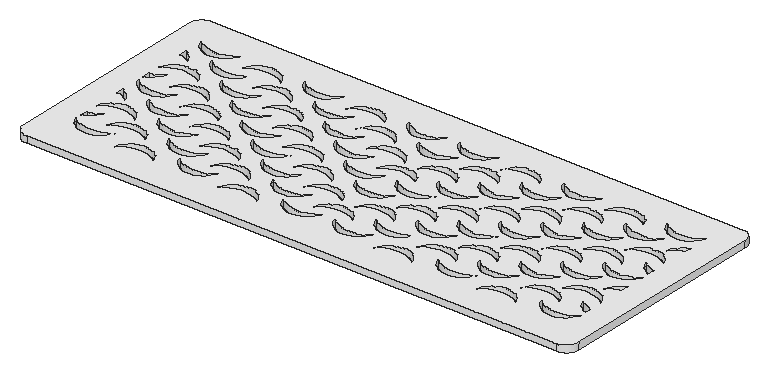
Revit family "CADS_AIRFLOWdev_AirflexPro_Grilles_Extract", category Air Terminals, host Face, Revit 2015
Parameters (values of type "Wavy White Powder Coated")
  WeeklyMaintenance = "N/A"
  Wavey = yes
  WarrantyStartDate [instance] = "1900-12-31T23:59:179"
  WarrantyPeriod = "0"
  WarrantyIdentifier = "N/A"
  WarrantyGuarantorParts = "info@airflow.com"
  WarrantyGuarantorLabor = "info@airflow.com"
  WarrantyGuarantor = "Airflow Developments Ltd"
  WarrantyEndDate [instance] = "1900-12-31T23:59:179"
  WarrantyContent = "N/A"
  Uniclass2015 = "Pr_65_70_46_03"
  TemperatureRange = "up to 40°C"
  TagNumber [instance] = "N/A"
  SustainabilityPerformance = "N/A"
  Status = "New"
  Squared = no
  Slotted = no
  Size = "342 x 143 x 15"
  ShippingWeight = 0.936 kg
  Shape = "Rectangular"
  ServiceLifeType = "EXPECTEDSERVICELIFE"
  ServiceLifeDuration = "10"
  SerialNumber [instance] = "N/A"
  SAPApproval = yes
  ReplacementCost = "157.608"
  Reinforcement = "N/A"
  RedDotDesignAward = no
  QuarterlyMaintenance = "N/A"
  Quantity = 1
  ProductionYear = "2017"
  ProductLiterature = "https://www.airflow.com/pdf/Accessories.pdf#page=3"
  PointOfContact = "Airflow Developments Ltd"
  PassiveHouseApproval = no
  OuterEdge = no
  NominalWidth = 143 mm
  NominalLength = 342 mm
  NominalHeight = 15 mm
  NBSCode = "90-75-50/370 Air terminals;"
  MonthlyMaintenance = "N/A"
  ModelReference [instance] = "90000528"
  ModelLabel [instance] = "Wavy White Powder Coated Grilles"
  Material = "Steel"
  ManufacturerWebsite = "www.airflow.com"
  ManufacturerTelephone = "01494 525252"
  ManufacturerE-Mail = "info@airflow.com"
  ManufacturerAddress = "Aidelle House\nLancaster Road\nCressex Business Park\nHigh Wycombe\nBucks\nHP123QP"
  Manufacturer = "Airflow Developments Ltd"
  MaintenanceRequired8001to12000hrs = "N/A"
  MaintenanceRequired601to1000hrs = "N/A"
  MaintenanceRequired4001to8000hrs = "N/A"
  MaintenanceRequired301to600hrs = "N/A"
  MaintenanceRequired2001to4000hrs = "N/A"
  MaintenanceRequired1001to2000hrs = "N/A"
  MaintenanceRequired0to300hrs = "N/A"
  LongitudinalSeam = "N/A"
  L2 = if(OuterEdge, 377 mm, 342 mm)  # 342 mm
  L1 = if(OuterEdge, 177 mm, 143 mm)  # 143 mm
  IsExtendedWarranty = no
  InstallationDate [instance] = "1900-12-31T23:59:179"
  ISO90001 = yes
  ISO140001 = yes
  GrossWeight = 0.78 kg
  GrilleFinish = CADS_AIRFLOWdev_White
  Grade = "White Powder Coated"
  GlobalTradeItemNumber [instance] = "5019009318936"
  Flow [instance] = 0.0 L/s
  Fitting Type = "Ignore"
  FireControlPanelLinks = no
  Finish = "Lacquer"
  Features = "Wavy White Powder Coated Grilles"
  ExpectedServiceLife = 10
  Exclusions = "N/A"
  DurationUnit = "Year"
  Default Elevation = 1219.2 mm
  DailyMaintenance = "N/A"
  Constituents = "Wavy White Powder Coated Grilles"
  Color = "Silver"
  CodePerformance = "N/A"
  CEApproval = yes
  CADS_Index = 0
  BespokeTimeFrameMaintenance = "N/A"
  AssetType = "FIXED"
  AssetIdentifier [instance] = "N/A"
  AssemblyPlace = "UNKNOWN"
  ArticleNumber [instance] = "N/A"
  AnnualMaintenance = "N/A"
  AccessibilityPerformance = "N/A"
  6MonthlyMaintenance = "Visually inspect system, clean the fan and ducting if necessary"
Types (8, lengths in mm): name | Wavey | WarrantyStartDate | WarrantyEndDate | Uniclass2015 | Squared | Slotted | Size | ShippingWeight | ReplacementCost | OuterEdge | NominalWidth | NominalLength | NominalHeight | ModelReference | ModelLabel | L2 | L1 | InstallationDate | GrossWeight | GrilleFinish | Grade | GlobalTradeItemNumber | Features | Constituents
  (no name) | yes | "1900-12-31T23:59:179" | "1900-12-31T23:59:179" | "Pr_65_70_46_03" | no | no | "342 x 143 x 15" | 0.936 kg | "157.608" | no | 143 | 342 | 15 | "90000528" | "Wavy White Powder Coated Grilles" | 342 | 143 | "1900-12-31T23:59:179" | 0.78 kg | CADS_AIRFLOWdev_White | "White Powder Coated" | "5019009318936" | "Wavy White Powder Coated Grilles" | "Wavy White Powder Coated Grilles"
  Slotted White Powder Coated | no | "1900-12-31T23:59:177" | "1900-12-31T23:59:177" | "Pr_65_70_46_01" | no | yes | "342 x 143 x 15" | 0.936 kg | "107.46" | no | 143 | 342 | 15 | "90000526" | "Slotted White Powder Coated Grilles" | 342 | 143 | "1900-12-31T23:59:177" | 0.78 kg | CADS_AIRFLOWdev_White | "White Powder Coated" | "5019009318912" | "Slotted White Powder Coated Grilles" | "Slotted White Powder Coated Grilles"
  Squared White Powder Coated | no | "1900-12-31T23:59:178" | "1900-12-31T23:59:178" | "Pr_65_70_46_02" | yes | no | "342 x 143 x 15" | 0.84 kg | "147.756" | no | 143 | 342 | 15 | "90000527" | "Squared White Powder Coated Grilles" | 342 | 143 | "1900-12-31T23:59:178" | 0.70 kg | CADS_AIRFLOWdev_White | "White Powder Coated" | "5019009318929" | "Squared White Powder Coated Grilles" | "Squared White Powder Coated Grilles"
  Wavy White Powder Coated | yes | "1900-12-31T23:59:179" | "1900-12-31T23:59:179" | "Pr_65_70_46_03" | no | no | "342 x 143 x 15" | 0.936 kg | "157.608" | no | 143 | 342 | 15 | "90000528" | "Wavy White Powder Coated Grilles" | 342 | 143 | "1900-12-31T23:59:179" | 0.78 kg | CADS_AIRFLOWdev_White | "White Powder Coated" | "5019009318936" | "Wavy White Powder Coated Grilles" | "Wavy White Powder Coated Grilles"
  Slotted Brushed Stainless Steel | no | "1900-12-31T23:59:180" | "1900-12-31T23:59:180" | "Pr_65_70_46_04" | no | yes | "342 x 143 x 15" | 0.936 kg | "122.184" | no | 143 | 342 | 15 | "90000529" | "Slotted Brushed Stainless Steel Grilles" | 342 | 143 | "1900-12-31T23:59:180" | 0.78 kg | CADS_AIRFLOWdev_StainlessSteel | "Stainless" | "5019009318943" | "Slotted Brushed Stainless Steel Grilles" | "Slotted Brushed Stainless Steel Grilles"
  Squared Brushed Stainless Steel | no | "1900-12-31T23:59:181" | "1900-12-31T23:59:181" | "Pr_65_70_46_05" | yes | no | "342 x 143 x 15" | 0.936 kg | "162.528" | no | 143 | 342 | 15 | "90000530" | "Squared Brushed Stainless Steel Grilles" | 342 | 143 | "1900-12-31T23:59:181" | 0.78 kg | CADS_AIRFLOWdev_StainlessSteel | "Stainless" | "50190093189050" | "Squared Brushed Stainless Steel Grilles" | "Squared Brushed Stainless Steel Grilles"
  Wavy Brushed Stainless Steel | yes | "1900-12-31T23:59:182" | "1900-12-31T23:59:182" | "Pr_65_70_46_06" | no | no | "342 x 143 x 15" | 0.936 kg | "172.344" | no | 143 | 342 | 15 | "90000531" | "Wavy Brushed Stainless Steel Grilles" | 342 | 143 | "1900-12-31T23:59:182" | 0.78 kg | CADS_AIRFLOWdev_StainlessSteel | "Stainless" | "5019009318967" | "Wavy Brushed Stainless Steel Grilles" | "Wavy Brushed Stainless Steel Grilles"
  Brushed Stainless Steel Floor | no | "1900-12-31T23:59:183" | "1900-12-31T23:59:183" | "Pr_65_70_46_07" | no | no | "380 x 178 x 30-65" | 1.377 kg | "218.232" | yes | 178 | 380 | 65 | "90000440" | "Brushed Stainless Steel Floor Grille" | 377 | 177 | "1900-12-31T23:59:183" | 1.1475 kg | CADS_AIRFLOWdev_StainlessSteel | "Stainless" | "5019009317731" | "Brushed Stainless Steel Floor Grille" | "Brushed Stainless Steel Floor Grille"
Reference planes
  plane 1 "Center (Front/Back)": y = 0
  plane 2: z = 0
  plane 3 "Center (Left/Right)": x = 0
Forms (mm)
  Extrusion 1, void
    sketch origin (0, 0, 0) x (1, 0, 0) y (0, 1, 0)
      loop
        line (-171, 71.5) -> (-171, -71.5) -> (171, -71.5) -> (171, 71.5) -> (-171, 71.5)
    from 0 to -5
Dimensions and locks
  equal spacing: Extrusion 1 sketch curve, plane 3 "Center (Left/Right)", Extrusion 1 sketch curve
  "L2": Extrusion 1 sketch curve to Extrusion 1 sketch curve
  equal spacing: Extrusion 1 sketch curve, plane 1 "Center (Front/Back)", Extrusion 1 sketch curve
  "L1": Extrusion 1 sketch curve to Extrusion 1 sketch curve
  aligned and locked: plane 2 to host face
  aligned and locked: level to host face
  aligned and locked: plane 3 "Center (Left/Right)" to nested 1
  aligned and locked: plane 1 "Center (Front/Back)" to nested 1
Automatic sketch dimensions
  host sketch curve to host sketch curve = 2438.4 mm  (x2)
Nested families
  nested 1: "GrillGeom" at (0, 0, 0), type "GrillGeom"
    with Squared no, Slotted no, OuterEdge no
Connectors
  hvac at (0, 0, -4), driven by "Flow"
    settings: on nested 1, index 1, duct flow 0.0 L/s, flow factor 0, pres drop 0.0 Pa, loss coef 0, conn angle 0.00°, conn width 300 mm, conn height 100 mm, conn diameter 609.6 mm, duct sys type 2, conn prof type 1, flow config 1, flow direction 2, loss method 0, conn ref index -1, conn util no, is conn primary yes, conn desc ""
Definition of nested family "GrillGeom"
  Parameters (values of type "GrillGeom")
    Wavey = yes
    Squared = yes
    Slotted = yes
    OuterEdge = yes
    GrilleFinish = none
    Flow = 0.0 L/s
  Reference planes
    plane 1 "Center (Front/Back)": y = 0
    plane 2: z = 0
    plane 3 "Center (Left/Right)": x = 0
  Forms (mm)
    Extrusion 1, solid, material <- "GrilleFinish", visible <- "OuterEdge"
      sketch origin (0, 0, 0) x (1, 0, 0) y (0, 1, 0)
        loop
          line (-188.5, 88.5) -> (-188.5, -88.5) -> (188.5, -88.5) -> (188.5, 88.5) -> (-188.5, 88.5)
        loop
          line (-150, 50) -> (-150, -50) -> (150, -50) -> (150, 50) -> (-150, 50)
      from -4 to 0
    Extrusion 2, solid, material <- "GrilleFinish", visible <- "OuterEdge"
      sketch origin (0, 0, 0) x (1, 0, 0) y (0, 1, 0)
        loop
          arc (-150, -45) -> (-148.536, -48.536) -> (-145, -50) r 5
          line (-145, -50) -> (145, -50)
          arc (145, -50) -> (148.536, -48.536) -> (150, -45) r 5
          line (150, -45) -> (150, 45)
          arc (150, 45) -> (148.536, 48.536) -> (145, 50) r 5
          line (145, 50) -> (-145, 50)
          arc (-145, 50) -> (-148.536, 48.536) -> (-150, 45) r 5
          line (-150, 45) -> (-150, -45)
        loop
          line (-90.357, 28.21) -> (-111.292, 28.21) -> (-111.292, 23.152) -> (-90.357, 23.152) -> (-90.357, 28.21)
        loop
          line (-32.939, 28.21) -> (-81.843, 28.21) -> (-81.843, 23.152) -> (-32.939, 23.152) -> (-32.939, 28.21)
        loop
          line (24.425, 28.21) -> (-24.425, 28.21) -> (-24.425, 23.152) -> (24.425, 23.152) -> (24.425, 28.21)
        loop
          line (81.788, 28.21) -> (32.939, 28.21) -> (32.939, 23.152) -> (81.788, 23.152) -> (81.788, 28.21)
        loop
          line (109.702, 28.21) -> (90.302, 28.21) -> (90.302, 23.152) -> (109.702, 23.152) -> (109.702, 28.21)
        loop
          line (-62.443, 15.37) -> (-111.292, 15.37) -> (-111.292, 10.311) -> (-62.443, 10.311) -> (-62.443, 15.37)
        loop
          line (-5.025, 15.37) -> (-53.929, 15.37) -> (-53.929, 10.311) -> (-5.025, 10.311) -> (-5.025, 15.37)
        loop
          line (52.339, 15.37) -> (3.489, 15.37) -> (3.489, 10.311) -> (52.339, 10.311) -> (52.339, 15.37)
        loop
          line (109.702, 15.37) -> (60.853, 15.37) -> (60.853, 10.311) -> (109.702, 10.311) -> (109.702, 15.37)
        loop
          line (-90.357, 2.529) -> (-111.292, 2.529) -> (-111.292, -2.529) -> (-90.357, -2.529) -> (-90.357, 2.529)
        loop
          line (-32.939, 2.529) -> (-81.843, 2.529) -> (-81.843, -2.529) -> (-32.939, -2.529) -> (-32.939, 2.529)
        loop
          line (24.425, 2.529) -> (-24.425, 2.529) -> (-24.425, -2.529) -> (24.425, -2.529) -> (24.425, 2.529)
        loop
          line (81.788, 2.529) -> (32.939, 2.529) -> (32.939, -2.529) -> (81.788, -2.529) -> (81.788, 2.529)
        loop
          line (109.702, 2.529) -> (90.302, 2.529) -> (90.302, -2.529) -> (109.702, -2.529) -> (109.702, 2.529)
        loop
          line (-62.443, -10.311) -> (-111.292, -10.311) -> (-111.292, -15.37) -> (-62.443, -15.37) -> (-62.443, -10.311)
        loop
          line (-5.025, -10.311) -> (-53.929, -10.311) -> (-53.929, -15.37) -> (-5.025, -15.37) -> (-5.025, -10.311)
        loop
          line (52.339, -10.311) -> (3.489, -10.311) -> (3.489, -15.37) -> (52.339, -15.37) -> (52.339, -10.311)
        loop
          line (109.702, -10.311) -> (60.853, -10.311) -> (60.853, -15.37) -> (109.702, -15.37) -> (109.702, -10.311)
        loop
          line (-90.357, -23.152) -> (-111.292, -23.152) -> (-111.292, -28.21) -> (-90.357, -28.21) -> (-90.357, -23.152)
        loop
          line (-32.939, -23.152) -> (-81.843, -23.152) -> (-81.843, -28.21) -> (-32.939, -28.21) -> (-32.939, -23.152)
        loop
          line (24.425, -23.152) -> (-24.425, -23.152) -> (-24.425, -28.21) -> (24.425, -28.21) -> (24.425, -23.152)
        loop
          line (81.788, -23.152) -> (32.939, -23.152) -> (32.939, -28.21) -> (81.788, -28.21) -> (81.788, -23.152)
        loop
          line (109.702, -23.152) -> (90.302, -23.152) -> (90.302, -28.21) -> (109.702, -28.21) -> (109.702, -23.152)
        loop
          line (-62.443, -35.992) -> (-111.292, -35.992) -> (-111.292, -41.051) -> (-62.443, -41.051) -> (-62.443, -35.992)
        loop
          line (-5.025, -35.992) -> (-53.929, -35.992) -> (-53.929, -41.051) -> (-5.025, -41.051) -> (-5.025, -35.992)
        loop
          line (52.339, -35.992) -> (3.489, -35.992) -> (3.489, -41.051) -> (52.339, -41.051) -> (52.339, -35.992)
        loop
          line (109.702, -35.992) -> (60.853, -35.992) -> (60.853, -41.051) -> (109.702, -41.051) -> (109.702, -35.992)
        loop
          line (-62.443, 35.992) -> (-62.443, 41.051) -> (-111.292, 41.051) -> (-111.292, 35.992) -> (-62.443, 35.992)
        loop
          line (-5.025, 35.992) -> (-5.025, 41.051) -> (-53.929, 41.051) -> (-53.929, 35.992) -> (-5.025, 35.992)
        loop
          line (52.339, 35.992) -> (52.339, 41.051) -> (3.489, 41.051) -> (3.489, 35.992) -> (52.339, 35.992)
        loop
          line (109.702, 35.992) -> (109.702, 41.051) -> (60.853, 41.051) -> (60.853, 35.992) -> (109.702, 35.992)
      from -4 to 0
    Extrusion 3, solid, material <- "GrilleFinish", visible <- "Squared"
      sketch origin (0, 0, 0) x (1, 0, 0) y (0, 1, 0)
        loop
          arc (-171, -63.727) -> (-168.723, -69.223) -> (-163.227, -71.5) r 7.773
          line (-163.227, -71.5) -> (163.227, -71.5)
          arc (163.227, -71.5) -> (168.723, -69.223) -> (171, -63.727) r 7.773
          line (171, -63.727) -> (171, 63.727)
          arc (171, 63.727) -> (168.723, 69.223) -> (163.227, 71.5) r 7.773
          line (163.227, 71.5) -> (-163.227, 71.5)
          arc (-163.227, 71.5) -> (-168.723, 69.223) -> (-171, 63.727) r 7.773
          line (-171, 63.727) -> (-171, -63.727)
        loop
          line (-128.067, 25.261) -> (-143.613, 25.261) -> (-143.613, 9.716) -> (-128.067, 9.716) -> (-128.067, 25.261)
        loop
          line (-146.722, 6.607) -> (-146.722, 22.152) -> (-151.386, 17.489) -> (-151.386, 1.943) -> (-135.84, 1.943) -> (-131.176, 6.607) -> (-146.722, 6.607)
        loop
          line (-128.067, -1.371) -> (-143.613, -1.371) -> (-143.613, -16.917) -> (-128.067, -16.917) -> (-128.067, -1.371)
        loop
          line (-146.722, -20.026) -> (-146.722, -4.48) -> (-151.386, -9.144) -> (-151.386, -24.69) -> (-135.84, -24.69) -> (-131.176, -20.026) -> (-146.722, -20.026)
        loop
          line (-128.067, -28.576) -> (-143.613, -28.576) -> (-143.613, -44.121) -> (-128.067, -44.121) -> (-128.067, -28.576)
        loop
          line (-146.722, -47.23) -> (-146.722, -31.685) -> (-151.386, -36.349) -> (-151.386, -51.894) -> (-135.84, -51.894) -> (-131.176, -47.23) -> (-146.722, -47.23)
        loop
          line (-100.086, 25.261) -> (-115.631, 25.261) -> (-115.631, 9.716) -> (-100.086, 9.716) -> (-100.086, 25.261)
        loop
          line (-118.74, 6.607) -> (-118.74, 22.152) -> (-123.404, 17.489) -> (-123.404, 1.943) -> (-107.858, 1.943) -> (-103.195, 6.607) -> (-118.74, 6.607)
        loop
          line (-100.086, -1.371) -> (-115.631, -1.371) -> (-115.631, -16.917) -> (-100.086, -16.917) -> (-100.086, -1.371)
        loop
          line (-118.74, -20.026) -> (-118.74, -4.48) -> (-123.404, -9.144) -> (-123.404, -24.69) -> (-107.858, -24.69) -> (-103.195, -20.026) -> (-118.74, -20.026)
        loop
          line (-100.086, -28.576) -> (-115.631, -28.576) -> (-115.631, -44.121) -> (-100.086, -44.121) -> (-100.086, -28.576)
        loop
          line (-118.74, -47.23) -> (-118.74, -31.685) -> (-123.404, -36.349) -> (-123.404, -51.894) -> (-107.858, -51.894) -> (-103.195, -47.23) -> (-118.74, -47.23)
        loop
          line (-72.104, 25.261) -> (-87.649, 25.261) -> (-87.649, 9.716) -> (-72.104, 9.716) -> (-72.104, 25.261)
        loop
          line (-90.758, 6.607) -> (-90.758, 22.152) -> (-95.422, 17.489) -> (-95.422, 1.943) -> (-79.876, 1.943) -> (-75.213, 6.607) -> (-90.758, 6.607)
        loop
          line (-72.104, -1.371) -> (-87.649, -1.371) -> (-87.649, -16.917) -> (-72.104, -16.917) -> (-72.104, -1.371)
        loop
          line (-90.758, -20.026) -> (-90.758, -4.48) -> (-95.422, -9.144) -> (-95.422, -24.69) -> (-79.876, -24.69) -> (-75.213, -20.026) -> (-90.758, -20.026)
        loop
          line (-72.104, -28.576) -> (-87.649, -28.576) -> (-87.649, -44.121) -> (-72.104, -44.121) -> (-72.104, -28.576)
        loop
          line (-90.758, -47.23) -> (-90.758, -31.685) -> (-95.422, -36.349) -> (-95.422, -51.894) -> (-79.876, -51.894) -> (-75.213, -47.23) -> (-90.758, -47.23)
        loop
          line (-44.122, 25.261) -> (-59.667, 25.261) -> (-59.667, 9.716) -> (-44.122, 9.716) -> (-44.122, 25.261)
        loop
          line (-62.776, 6.607) -> (-62.776, 22.152) -> (-67.44, 17.489) -> (-67.44, 1.943) -> (-51.895, 1.943) -> (-47.231, 6.607) -> (-62.776, 6.607)
        loop
          line (-44.122, -1.371) -> (-59.667, -1.371) -> (-59.667, -16.917) -> (-44.122, -16.917) -> (-44.122, -1.371)
        loop
          line (-62.776, -20.026) -> (-62.776, -4.48) -> (-67.44, -9.144) -> (-67.44, -24.69) -> (-51.895, -24.69) -> (-47.231, -20.026) -> (-62.776, -20.026)
        loop
          line (-44.122, -28.576) -> (-59.667, -28.576) -> (-59.667, -44.121) -> (-44.122, -44.121) -> (-44.122, -28.576)
        loop
          line (-62.776, -47.23) -> (-62.776, -31.685) -> (-67.44, -36.349) -> (-67.44, -51.894) -> (-51.895, -51.894) -> (-47.231, -47.23) -> (-62.776, -47.23)
        loop
          line (-16.14, 25.261) -> (-31.686, 25.261) -> (-31.686, 9.716) -> (-16.14, 9.716) -> (-16.14, 25.261)
        loop
          line (-34.795, 6.607) -> (-34.795, 22.152) -> (-39.458, 17.489) -> (-39.458, 1.943) -> (-23.913, 1.943) -> (-19.249, 6.607) -> (-34.795, 6.607)
        loop
          line (-16.14, -1.371) -> (-31.686, -1.371) -> (-31.686, -16.917) -> (-16.14, -16.917) -> (-16.14, -1.371)
        loop
          line (-34.795, -20.026) -> (-34.795, -4.48) -> (-39.458, -9.144) -> (-39.458, -24.69) -> (-23.913, -24.69) -> (-19.249, -20.026) -> (-34.795, -20.026)
        loop
          line (-16.14, -28.576) -> (-31.686, -28.576) -> (-31.686, -44.121) -> (-16.14, -44.121) -> (-16.14, -28.576)
        loop
          line (-34.795, -47.23) -> (-34.795, -31.685) -> (-39.458, -36.349) -> (-39.458, -51.894) -> (-23.913, -51.894) -> (-19.249, -47.23) -> (-34.795, -47.23)
        loop
          line (11.842, 25.261) -> (-3.704, 25.261) -> (-3.704, 9.716) -> (11.842, 9.716) -> (11.842, 25.261)
        loop
          line (-6.813, 6.607) -> (-6.813, 22.152) -> (-11.476, 17.489) -> (-11.476, 1.943) -> (4.069, 1.943) -> (8.733, 6.607) -> (-6.813, 6.607)
        loop
          line (11.842, -1.371) -> (-3.704, -1.371) -> (-3.704, -16.917) -> (11.842, -16.917) -> (11.842, -1.371)
        loop
          line (-6.813, -20.026) -> (-6.813, -4.48) -> (-11.476, -9.144) -> (-11.476, -24.69) -> (4.069, -24.69) -> (8.733, -20.026) -> (-6.813, -20.026)
        loop
          line (11.842, -28.576) -> (-3.704, -28.576) -> (-3.704, -44.121) -> (11.842, -44.121) -> (11.842, -28.576)
        loop
          line (-6.813, -47.23) -> (-6.813, -31.685) -> (-11.476, -36.349) -> (-11.476, -51.894) -> (4.069, -51.894) -> (8.733, -47.23) -> (-6.813, -47.23)
        loop
          line (39.824, 25.261) -> (24.278, 25.261) -> (24.278, 9.716) -> (39.824, 9.716) -> (39.824, 25.261)
        loop
          line (21.169, 6.607) -> (21.169, 22.152) -> (16.505, 17.489) -> (16.505, 1.943) -> (32.051, 1.943) -> (36.714, 6.607) -> (21.169, 6.607)
        loop
          line (39.824, -1.371) -> (24.278, -1.371) -> (24.278, -16.917) -> (39.824, -16.917) -> (39.824, -1.371)
        loop
          line (21.169, -20.026) -> (21.169, -4.48) -> (16.505, -9.144) -> (16.505, -24.69) -> (32.051, -24.69) -> (36.714, -20.026) -> (21.169, -20.026)
        loop
          line (39.824, -28.576) -> (24.278, -28.576) -> (24.278, -44.121) -> (39.824, -44.121) -> (39.824, -28.576)
        loop
          line (21.169, -47.23) -> (21.169, -31.685) -> (16.505, -36.349) -> (16.505, -51.894) -> (32.051, -51.894) -> (36.714, -47.23) -> (21.169, -47.23)
        loop
          line (67.805, 25.261) -> (52.26, 25.261) -> (52.26, 9.716) -> (67.805, 9.716) -> (67.805, 25.261)
        loop
          line (49.151, 6.607) -> (49.151, 22.152) -> (44.487, 17.489) -> (44.487, 1.943) -> (60.033, 1.943) -> (64.696, 6.607) -> (49.151, 6.607)
        loop
          line (67.805, -1.371) -> (52.26, -1.371) -> (52.26, -16.917) -> (67.805, -16.917) -> (67.805, -1.371)
        loop
          line (49.151, -20.026) -> (49.151, -4.48) -> (44.487, -9.144) -> (44.487, -24.69) -> (60.033, -24.69) -> (64.696, -20.026) -> (49.151, -20.026)
        loop
          line (67.805, -28.576) -> (52.26, -28.576) -> (52.26, -44.121) -> (67.805, -44.121) -> (67.805, -28.576)
        loop
          line (49.151, -47.23) -> (49.151, -31.685) -> (44.487, -36.349) -> (44.487, -51.894) -> (60.033, -51.894) -> (64.696, -47.23) -> (49.151, -47.23)
        loop
          line (95.787, 25.261) -> (80.242, 25.261) -> (80.242, 9.716) -> (95.787, 9.716) -> (95.787, 25.261)
        loop
          line (77.133, 6.607) -> (77.133, 22.152) -> (72.469, 17.489) -> (72.469, 1.943) -> (88.014, 1.943) -> (92.678, 6.607) -> (77.133, 6.607)
        loop
          line (95.787, -1.371) -> (80.242, -1.371) -> (80.242, -16.917) -> (95.787, -16.917) -> (95.787, -1.371)
        loop
          line (77.133, -20.026) -> (77.133, -4.48) -> (72.469, -9.144) -> (72.469, -24.69) -> (88.014, -24.69) -> (92.678, -20.026) -> (77.133, -20.026)
        loop
          line (95.787, -28.576) -> (80.242, -28.576) -> (80.242, -44.121) -> (95.787, -44.121) -> (95.787, -28.576)
        loop
          line (77.133, -47.23) -> (77.133, -31.685) -> (72.469, -36.349) -> (72.469, -51.894) -> (88.014, -51.894) -> (92.678, -47.23) -> (77.133, -47.23)
        loop
          line (123.769, 25.261) -> (108.224, 25.261) -> (108.224, 9.716) -> (123.769, 9.716) -> (123.769, 25.261)
        loop
          line (105.114, 6.607) -> (105.114, 22.152) -> (100.451, 17.489) -> (100.451, 1.943) -> (115.996, 1.943) -> (120.66, 6.607) -> (105.114, 6.607)
        loop
          line (123.769, -1.371) -> (108.224, -1.371) -> (108.224, -16.917) -> (123.769, -16.917) -> (123.769, -1.371)
        loop
          line (105.114, -20.026) -> (105.114, -4.48) -> (100.451, -9.144) -> (100.451, -24.69) -> (115.996, -24.69) -> (120.66, -20.026) -> (105.114, -20.026)
        loop
          line (123.769, -28.576) -> (108.224, -28.576) -> (108.224, -44.121) -> (123.769, -44.121) -> (123.769, -28.576)
        loop
          line (105.114, -47.23) -> (105.114, -31.685) -> (100.451, -36.349) -> (100.451, -51.894) -> (115.996, -51.894) -> (120.66, -47.23) -> (105.114, -47.23)
        loop
          line (151.751, 25.261) -> (136.205, 25.261) -> (136.205, 9.716) -> (151.751, 9.716) -> (151.751, 25.261)
        loop
          line (133.096, 6.607) -> (133.096, 22.152) -> (128.433, 17.489) -> (128.433, 1.943) -> (143.978, 1.943) -> (148.642, 6.607) -> (133.096, 6.607)
        loop
          line (151.751, -1.371) -> (136.205, -1.371) -> (136.205, -16.917) -> (151.751, -16.917) -> (151.751, -1.371)
        loop
          line (133.096, -20.026) -> (133.096, -4.48) -> (128.433, -9.144) -> (128.433, -24.69) -> (143.978, -24.69) -> (148.642, -20.026) -> (133.096, -20.026)
        loop
          line (151.751, -28.576) -> (136.205, -28.576) -> (136.205, -44.121) -> (151.751, -44.121) -> (151.751, -28.576)
        loop
          line (133.096, -47.23) -> (133.096, -31.685) -> (128.433, -36.349) -> (128.433, -51.894) -> (143.978, -51.894) -> (148.642, -47.23) -> (133.096, -47.23)
        loop
          line (-128.067, 51.894) -> (-143.613, 51.894) -> (-143.613, 36.349) -> (-128.067, 36.349) -> (-128.067, 51.894)
        loop
          line (-146.722, 33.24) -> (-146.722, 48.785) -> (-151.386, 44.121) -> (-151.386, 28.576) -> (-135.84, 28.576) -> (-131.176, 33.24) -> (-146.722, 33.24)
        loop
          line (-100.086, 51.894) -> (-115.631, 51.894) -> (-115.631, 36.349) -> (-100.086, 36.349) -> (-100.086, 51.894)
        loop
          line (-118.74, 33.24) -> (-118.74, 48.785) -> (-123.404, 44.121) -> (-123.404, 28.576) -> (-107.858, 28.576) -> (-103.195, 33.24) -> (-118.74, 33.24)
        loop
          line (-72.104, 51.894) -> (-87.649, 51.894) -> (-87.649, 36.349) -> (-72.104, 36.349) -> (-72.104, 51.894)
        loop
          line (-90.758, 33.24) -> (-90.758, 48.785) -> (-95.422, 44.121) -> (-95.422, 28.576) -> (-79.876, 28.576) -> (-75.213, 33.24) -> (-90.758, 33.24)
        loop
          line (-44.122, 51.894) -> (-59.667, 51.894) -> (-59.667, 36.349) -> (-44.122, 36.349) -> (-44.122, 51.894)
        loop
          line (-62.776, 33.24) -> (-62.776, 48.785) -> (-67.44, 44.121) -> (-67.44, 28.576) -> (-51.895, 28.576) -> (-47.231, 33.24) -> (-62.776, 33.24)
        loop
          line (-16.14, 51.894) -> (-31.686, 51.894) -> (-31.686, 36.349) -> (-16.14, 36.349) -> (-16.14, 51.894)
        loop
          line (-34.795, 33.24) -> (-34.795, 48.785) -> (-39.458, 44.121) -> (-39.458, 28.576) -> (-23.913, 28.576) -> (-19.249, 33.24) -> (-34.795, 33.24)
        loop
          line (11.842, 51.894) -> (-3.704, 51.894) -> (-3.704, 36.349) -> (11.842, 36.349) -> (11.842, 51.894)
        loop
          line (-6.813, 33.24) -> (-6.813, 48.785) -> (-11.476, 44.121) -> (-11.476, 28.576) -> (4.069, 28.576) -> (8.733, 33.24) -> (-6.813, 33.24)
        loop
          line (39.824, 51.894) -> (24.278, 51.894) -> (24.278, 36.349) -> (39.824, 36.349) -> (39.824, 51.894)
        loop
          line (21.169, 33.24) -> (21.169, 48.785) -> (16.505, 44.121) -> (16.505, 28.576) -> (32.051, 28.576) -> (36.714, 33.24) -> (21.169, 33.24)
        loop
          line (67.805, 51.894) -> (52.26, 51.894) -> (52.26, 36.349) -> (67.805, 36.349) -> (67.805, 51.894)
        loop
          line (49.151, 33.24) -> (49.151, 48.785) -> (44.487, 44.121) -> (44.487, 28.576) -> (60.033, 28.576) -> (64.696, 33.24) -> (49.151, 33.24)
        loop
          line (95.787, 51.894) -> (80.242, 51.894) -> (80.242, 36.349) -> (95.787, 36.349) -> (95.787, 51.894)
        loop
          line (77.133, 33.24) -> (77.133, 48.785) -> (72.469, 44.121) -> (72.469, 28.576) -> (88.014, 28.576) -> (92.678, 33.24) -> (77.133, 33.24)
        loop
          line (123.769, 51.894) -> (108.224, 51.894) -> (108.224, 36.349) -> (123.769, 36.349) -> (123.769, 51.894)
        loop
          line (105.114, 33.24) -> (105.114, 48.785) -> (100.451, 44.121) -> (100.451, 28.576) -> (115.996, 28.576) -> (120.66, 33.24) -> (105.114, 33.24)
        loop
          line (151.751, 51.894) -> (136.205, 51.894) -> (136.205, 36.349) -> (151.751, 36.349) -> (151.751, 51.894)
        loop
          line (133.096, 33.24) -> (133.096, 48.785) -> (128.433, 44.121) -> (128.433, 28.576) -> (143.978, 28.576) -> (148.642, 33.24) -> (133.096, 33.24)
      from -4 to 0
    Extrusion 4, solid, material <- "GrilleFinish", visible <- "Wavey"
      sketch origin (0, 0, 0) x (1, 0, 0) y (0, 1, 0)
        loop
          arc (-171, -63.727) -> (-168.723, -69.223) -> (-163.227, -71.5) r 7.773
          line (-163.227, -71.5) -> (163.227, -71.5)
          arc (163.227, -71.5) -> (168.723, -69.223) -> (171, -63.727) r 7.773
          line (171, -63.727) -> (171, 63.727)
          arc (171, 63.727) -> (168.723, 69.223) -> (163.227, 71.5) r 7.773
          line (163.227, 71.5) -> (-163.227, 71.5)
          arc (-163.227, 71.5) -> (-168.723, 69.223) -> (-171, 63.727) r 7.773
          line (-171, 63.727) -> (-171, -63.727)
        loop
          arc (-155.343, -43.235) -> (-143.429, -52.24) -> (-131.515, -43.235) r 12.384
          arc (-131.515, -43.235) -> (-143.429, -47.51) -> (-155.343, -43.235) r 18.736
        loop
          arc (-115.566, -39.348) -> (-127.48, -30.343) -> (-139.394, -39.348) r 12.384
          arc (-139.394, -39.348) -> (-127.48, -35.073) -> (-115.566, -39.348) r 18.736
        loop
          arc (-67.719, -43.235) -> (-79.633, -47.51) -> (-91.547, -43.235) r 18.736
          arc (-91.547, -43.235) -> (-79.633, -52.24) -> (-67.719, -43.235) r 12.384
        loop
          arc (-51.77, -39.348) -> (-63.684, -30.343) -> (-75.598, -39.348) r 12.384
          arc (-75.598, -39.348) -> (-63.684, -35.073) -> (-51.77, -39.348) r 18.736
        loop
          arc (-3.923, -43.235) -> (-15.837, -47.51) -> (-27.751, -43.235) r 18.736
          arc (-27.751, -43.235) -> (-15.837, -52.24) -> (-3.923, -43.235) r 12.384
        loop
          arc (12.026, -39.348) -> (0.112, -30.343) -> (-11.802, -39.348) r 12.384
          arc (-11.802, -39.348) -> (0.112, -35.073) -> (12.026, -39.348) r 18.736
        loop
          arc (-99.617, -53.211) -> (-111.531, -44.206) -> (-123.445, -53.211) r 12.384
          arc (-123.445, -53.211) -> (-111.531, -48.936) -> (-99.617, -53.211) r 18.736
        loop
          arc (-35.821, -53.211) -> (-47.735, -44.206) -> (-59.649, -53.211) r 12.384
          arc (-59.649, -53.211) -> (-47.735, -48.936) -> (-35.821, -53.211) r 18.736
        loop
          arc (-83.668, -31.179) -> (-95.582, -35.455) -> (-107.496, -31.179) r 18.736
          arc (-107.496, -31.179) -> (-95.582, -40.184) -> (-83.668, -31.179) r 12.384
        loop
          arc (-19.872, -31.179) -> (-31.786, -35.455) -> (-43.7, -31.179) r 18.736
          arc (-43.7, -31.179) -> (-31.786, -40.184) -> (-19.872, -31.179) r 12.384
        loop
          arc (-147.464, -31.179) -> (-151.193, -33.572) -> (-155.38, -35.023) r 18.736
          line (-155.38, -35.023) -> (-155.38, -39.521)
          arc (-155.38, -39.521) -> (-150.395, -36.325) -> (-147.464, -31.179) r 12.384
        loop
          arc (-131.515, -27.293) -> (-143.429, -18.287) -> (-155.343, -27.293) r 12.384
          arc (-155.343, -27.293) -> (-143.429, -23.017) -> (-131.515, -27.293) r 18.736
        loop
          arc (-67.719, -27.293) -> (-79.633, -18.287) -> (-91.547, -27.293) r 12.384
          arc (-91.547, -27.293) -> (-79.633, -23.017) -> (-67.719, -27.293) r 18.736
        loop
          arc (-3.923, -27.293) -> (-15.837, -18.287) -> (-27.751, -27.293) r 12.384
          arc (-27.751, -27.293) -> (-15.837, -23.017) -> (-3.923, -27.293) r 18.736
        loop
          arc (-99.617, -19.123) -> (-111.531, -23.399) -> (-123.445, -19.123) r 18.736
          arc (-123.445, -19.123) -> (-111.531, -28.129) -> (-99.617, -19.123) r 12.384
        loop
          arc (-35.821, -19.123) -> (-47.735, -23.399) -> (-59.649, -19.123) r 18.736
          arc (-59.649, -19.123) -> (-47.735, -28.129) -> (-35.821, -19.123) r 12.384
        loop
          arc (-147.464, -15.237) -> (-150.395, -10.091) -> (-155.38, -6.895) r 12.384
          line (-155.38, -6.895) -> (-155.38, -11.393)
          arc (-155.38, -11.393) -> (-151.193, -12.844) -> (-147.464, -15.237) r 18.736
        loop
          arc (-83.668, -15.237) -> (-95.582, -6.232) -> (-107.496, -15.237) r 12.384
          arc (-107.496, -15.237) -> (-95.582, -10.961) -> (-83.668, -15.237) r 18.736
        loop
          arc (-19.872, -15.237) -> (-31.786, -6.232) -> (-43.7, -15.237) r 12.384
          arc (-43.7, -15.237) -> (-31.786, -10.961) -> (-19.872, -15.237) r 18.736
        loop
          arc (-115.566, -7.068) -> (-127.48, -11.343) -> (-139.394, -7.068) r 18.736
          arc (-139.394, -7.068) -> (-127.48, -16.073) -> (-115.566, -7.068) r 12.384
        loop
          arc (-51.77, -7.068) -> (-63.684, -11.343) -> (-75.598, -7.068) r 18.736
          arc (-75.598, -7.068) -> (-63.684, -16.073) -> (-51.77, -7.068) r 12.384
        loop
          arc (12.026, -7.068) -> (0.112, -11.343) -> (-11.802, -7.068) r 18.736
          arc (-11.802, -7.068) -> (0.112, -16.073) -> (12.026, -7.068) r 12.384
        loop
          arc (-99.617, -3.181) -> (-111.531, 5.824) -> (-123.445, -3.181) r 12.384
          arc (-123.445, -3.181) -> (-111.531, 1.095) -> (-99.617, -3.181) r 18.736
        loop
          arc (-35.821, -3.181) -> (-47.735, 5.824) -> (-59.649, -3.181) r 12.384
          arc (-59.649, -3.181) -> (-47.735, 1.095) -> (-35.821, -3.181) r 18.736
        loop
          arc (-131.515, 4.988) -> (-143.429, 0.713) -> (-155.343, 4.988) r 18.736
          arc (-155.343, 4.988) -> (-143.429, -4.017) -> (-131.515, 4.988) r 12.384
        loop
          arc (-67.719, 4.988) -> (-79.633, 0.713) -> (-91.547, 4.988) r 18.736
          arc (-91.547, 4.988) -> (-79.633, -4.017) -> (-67.719, 4.988) r 12.384
        loop
          arc (-3.923, 4.988) -> (-15.837, 0.713) -> (-27.751, 4.988) r 18.736
          arc (-27.751, 4.988) -> (-15.837, -4.017) -> (-3.923, 4.988) r 12.384
        loop
          arc (-115.566, 8.875) -> (-127.48, 17.88) -> (-139.394, 8.875) r 12.384
          arc (-139.394, 8.875) -> (-127.48, 13.15) -> (-115.566, 8.875) r 18.736
        loop
          arc (-51.77, 8.875) -> (-63.684, 17.88) -> (-75.598, 8.875) r 12.384
          arc (-75.598, 8.875) -> (-63.684, 13.15) -> (-51.77, 8.875) r 18.736
        loop
          arc (12.026, 8.875) -> (0.112, 17.88) -> (-11.802, 8.875) r 12.384
          arc (-11.802, 8.875) -> (0.112, 13.15) -> (12.026, 8.875) r 18.736
        loop
          arc (-147.464, 17.044) -> (-151.193, 14.651) -> (-155.38, 13.2) r 18.736
          line (-155.38, 13.2) -> (-155.38, 8.702)
          arc (-155.38, 8.702) -> (-150.395, 11.898) -> (-147.464, 17.044) r 12.384
        loop
          arc (-83.668, 17.044) -> (-95.582, 12.768) -> (-107.496, 17.044) r 18.736
          arc (-107.496, 17.044) -> (-95.582, 8.039) -> (-83.668, 17.044) r 12.384
        loop
          arc (-19.872, 17.044) -> (-31.786, 12.768) -> (-43.7, 17.044) r 18.736
          arc (-43.7, 17.044) -> (-31.786, 8.039) -> (-19.872, 17.044) r 12.384
        loop
          arc (-131.515, 20.93) -> (-143.429, 29.936) -> (-155.343, 20.93) r 12.384
          arc (-155.343, 20.93) -> (-143.429, 25.206) -> (-131.515, 20.93) r 18.736
        loop
          arc (-67.719, 20.93) -> (-79.633, 29.936) -> (-91.547, 20.93) r 12.384
          arc (-91.547, 20.93) -> (-79.633, 25.206) -> (-67.719, 20.93) r 18.736
        loop
          arc (-3.923, 20.93) -> (-15.837, 29.936) -> (-27.751, 20.93) r 12.384
          arc (-27.751, 20.93) -> (-15.837, 25.206) -> (-3.923, 20.93) r 18.736
        loop
          arc (-99.617, 29.1) -> (-111.531, 24.824) -> (-123.445, 29.1) r 18.736
          arc (-123.445, 29.1) -> (-111.531, 20.094) -> (-99.617, 29.1) r 12.384
        loop
          arc (-35.821, 29.1) -> (-47.735, 24.824) -> (-59.649, 29.1) r 18.736
          arc (-59.649, 29.1) -> (-47.735, 20.094) -> (-35.821, 29.1) r 12.384
        loop
          arc (155.343, -43.235) -> (143.429, -47.51) -> (131.515, -43.235) r 18.736
          arc (131.515, -43.235) -> (143.429, -52.24) -> (155.343, -43.235) r 12.384
        loop
          arc (115.566, -39.348) -> (127.48, -35.073) -> (139.394, -39.348) r 18.736
          arc (139.394, -39.348) -> (127.48, -30.343) -> (115.566, -39.348) r 12.384
        loop
          arc (67.719, -43.235) -> (79.633, -52.24) -> (91.547, -43.235) r 12.384
          arc (91.547, -43.235) -> (79.633, -47.51) -> (67.719, -43.235) r 18.736
        loop
          arc (51.77, -39.348) -> (63.684, -35.073) -> (75.598, -39.348) r 18.736
          arc (75.598, -39.348) -> (63.684, -30.343) -> (51.77, -39.348) r 12.384
        loop
          arc (3.923, -43.235) -> (15.837, -52.24) -> (27.751, -43.235) r 12.384
          arc (27.751, -43.235) -> (15.837, -47.51) -> (3.923, -43.235) r 18.736
        loop
          arc (99.617, -53.211) -> (111.531, -48.936) -> (123.445, -53.211) r 18.736
          arc (123.445, -53.211) -> (111.531, -44.206) -> (99.617, -53.211) r 12.384
        loop
          arc (35.821, -53.211) -> (47.735, -48.936) -> (59.649, -53.211) r 18.736
          arc (59.649, -53.211) -> (47.735, -44.206) -> (35.821, -53.211) r 12.384
        loop
          arc (83.668, -31.179) -> (95.582, -40.184) -> (107.496, -31.179) r 12.384
          arc (107.496, -31.179) -> (95.582, -35.455) -> (83.668, -31.179) r 18.736
        loop
          arc (19.872, -31.179) -> (31.786, -40.184) -> (43.7, -31.179) r 12.384
          arc (43.7, -31.179) -> (31.786, -35.455) -> (19.872, -31.179) r 18.736
        loop
          arc (147.464, -31.179) -> (150.395, -36.325) -> (155.38, -39.521) r 12.384
          line (155.38, -39.521) -> (155.38, -35.023)
          arc (155.38, -35.023) -> (151.193, -33.572) -> (147.464, -31.179) r 18.736
        loop
          arc (131.515, -27.293) -> (143.429, -23.017) -> (155.343, -27.293) r 18.736
          arc (155.343, -27.293) -> (143.429, -18.287) -> (131.515, -27.293) r 12.384
        loop
          arc (67.719, -27.293) -> (79.633, -23.017) -> (91.547, -27.293) r 18.736
          arc (91.547, -27.293) -> (79.633, -18.287) -> (67.719, -27.293) r 12.384
        loop
          arc (3.923, -27.293) -> (15.837, -23.017) -> (27.751, -27.293) r 18.736
          arc (27.751, -27.293) -> (15.837, -18.287) -> (3.923, -27.293) r 12.384
        loop
          arc (99.617, -19.123) -> (111.531, -28.129) -> (123.445, -19.123) r 12.384
          arc (123.445, -19.123) -> (111.531, -23.399) -> (99.617, -19.123) r 18.736
        loop
          arc (35.821, -19.123) -> (47.735, -28.129) -> (59.649, -19.123) r 12.384
          arc (59.649, -19.123) -> (47.735, -23.399) -> (35.821, -19.123) r 18.736
        loop
          arc (147.464, -15.237) -> (151.193, -12.844) -> (155.38, -11.393) r 18.736
          line (155.38, -11.393) -> (155.38, -6.895)
          arc (155.38, -6.895) -> (150.395, -10.091) -> (147.464, -15.237) r 12.384
        loop
          arc (83.668, -15.237) -> (95.582, -10.961) -> (107.496, -15.237) r 18.736
          arc (107.496, -15.237) -> (95.582, -6.232) -> (83.668, -15.237) r 12.384
        loop
          arc (19.872, -15.237) -> (31.786, -10.961) -> (43.7, -15.237) r 18.736
          arc (43.7, -15.237) -> (31.786, -6.232) -> (19.872, -15.237) r 12.384
        loop
          arc (115.566, -7.068) -> (127.48, -16.073) -> (139.394, -7.068) r 12.384
          arc (139.394, -7.068) -> (127.48, -11.343) -> (115.566, -7.068) r 18.736
        loop
          arc (51.77, -7.068) -> (63.684, -16.073) -> (75.598, -7.068) r 12.384
          arc (75.598, -7.068) -> (63.684, -11.343) -> (51.77, -7.068) r 18.736
        loop
          arc (99.617, -3.181) -> (111.531, 1.095) -> (123.445, -3.181) r 18.736
          arc (123.445, -3.181) -> (111.531, 5.824) -> (99.617, -3.181) r 12.384
        loop
          arc (35.821, -3.181) -> (47.735, 1.095) -> (59.649, -3.181) r 18.736
          arc (59.649, -3.181) -> (47.735, 5.824) -> (35.821, -3.181) r 12.384
        loop
          arc (131.515, 4.988) -> (143.429, -4.017) -> (155.343, 4.988) r 12.384
          arc (155.343, 4.988) -> (143.429, 0.713) -> (131.515, 4.988) r 18.736
        loop
          arc (67.719, 4.988) -> (79.633, -4.017) -> (91.547, 4.988) r 12.384
          arc (91.547, 4.988) -> (79.633, 0.713) -> (67.719, 4.988) r 18.736
        loop
          arc (3.923, 4.988) -> (15.837, -4.017) -> (27.751, 4.988) r 12.384
          arc (27.751, 4.988) -> (15.837, 0.713) -> (3.923, 4.988) r 18.736
        loop
          arc (115.566, 8.875) -> (127.48, 13.15) -> (139.394, 8.875) r 18.736
          arc (139.394, 8.875) -> (127.48, 17.88) -> (115.566, 8.875) r 12.384
        loop
          arc (51.77, 8.875) -> (63.684, 13.15) -> (75.598, 8.875) r 18.736
          arc (75.598, 8.875) -> (63.684, 17.88) -> (51.77, 8.875) r 12.384
        loop
          arc (147.464, 17.044) -> (150.395, 11.898) -> (155.38, 8.702) r 12.384
          line (155.38, 8.702) -> (155.38, 13.2)
          arc (155.38, 13.2) -> (151.193, 14.651) -> (147.464, 17.044) r 18.736
        loop
          arc (83.668, 17.044) -> (95.582, 8.039) -> (107.496, 17.044) r 12.384
          arc (107.496, 17.044) -> (95.582, 12.768) -> (83.668, 17.044) r 18.736
        loop
          arc (19.872, 17.044) -> (31.786, 8.039) -> (43.7, 17.044) r 12.384
          arc (43.7, 17.044) -> (31.786, 12.768) -> (19.872, 17.044) r 18.736
        loop
          arc (131.515, 20.93) -> (143.429, 25.206) -> (155.343, 20.93) r 18.736
          arc (155.343, 20.93) -> (143.429, 29.936) -> (131.515, 20.93) r 12.384
        loop
          arc (67.719, 20.93) -> (79.633, 25.206) -> (91.547, 20.93) r 18.736
          arc (91.547, 20.93) -> (79.633, 29.936) -> (67.719, 20.93) r 12.384
        loop
          arc (3.923, 20.93) -> (15.837, 25.206) -> (27.751, 20.93) r 18.736
          arc (27.751, 20.93) -> (15.837, 29.936) -> (3.923, 20.93) r 12.384
        loop
          arc (99.617, 29.1) -> (111.531, 20.094) -> (123.445, 29.1) r 12.384
          arc (123.445, 29.1) -> (111.531, 24.824) -> (99.617, 29.1) r 18.736
        loop
          arc (35.821, 29.1) -> (47.735, 20.094) -> (59.649, 29.1) r 12.384
          arc (59.649, 29.1) -> (47.735, 24.824) -> (35.821, 29.1) r 18.736
        loop
          arc (-147.464, 32.986) -> (-150.395, 38.132) -> (-155.38, 41.328) r 12.384
          line (-155.38, 41.328) -> (-155.38, 36.83)
          arc (-155.38, 36.83) -> (-151.193, 35.38) -> (-147.464, 32.986) r 18.736
        loop
          arc (-83.668, 32.986) -> (-95.582, 41.992) -> (-107.496, 32.986) r 12.384
          arc (-107.496, 32.986) -> (-95.582, 37.262) -> (-83.668, 32.986) r 18.736
        loop
          arc (-19.872, 32.986) -> (-31.786, 41.992) -> (-43.7, 32.986) r 12.384
          arc (-43.7, 32.986) -> (-31.786, 37.262) -> (-19.872, 32.986) r 18.736
        loop
          arc (-115.566, 41.156) -> (-127.48, 36.88) -> (-139.394, 41.156) r 18.736
          arc (-139.394, 41.156) -> (-127.48, 32.15) -> (-115.566, 41.156) r 12.384
        loop
          arc (-51.77, 41.156) -> (-63.684, 36.88) -> (-75.598, 41.156) r 18.736
          arc (-75.598, 41.156) -> (-63.684, 32.15) -> (-51.77, 41.156) r 12.384
        loop
          arc (12.026, 41.156) -> (0.112, 36.88) -> (-11.802, 41.156) r 18.736
          arc (-11.802, 41.156) -> (0.112, 32.15) -> (12.026, 41.156) r 12.384
        loop
          arc (-99.617, 45.042) -> (-111.531, 54.047) -> (-123.445, 45.042) r 12.384
          arc (-123.445, 45.042) -> (-111.531, 49.318) -> (-99.617, 45.042) r 18.736
        loop
          arc (-35.821, 45.042) -> (-47.735, 54.047) -> (-59.649, 45.042) r 12.384
          arc (-59.649, 45.042) -> (-47.735, 49.318) -> (-35.821, 45.042) r 18.736
        loop
          arc (-131.515, 53.211) -> (-143.429, 48.936) -> (-155.343, 53.211) r 18.736
          arc (-155.343, 53.211) -> (-143.429, 44.206) -> (-131.515, 53.211) r 12.384
        loop
          arc (-67.719, 53.211) -> (-79.633, 48.936) -> (-91.547, 53.211) r 18.736
          arc (-91.547, 53.211) -> (-79.633, 44.206) -> (-67.719, 53.211) r 12.384
        loop
          arc (-3.923, 53.211) -> (-15.837, 48.936) -> (-27.751, 53.211) r 18.736
          arc (-27.751, 53.211) -> (-15.837, 44.206) -> (-3.923, 53.211) r 12.384
        loop
          arc (147.464, 32.986) -> (151.193, 35.38) -> (155.38, 36.83) r 18.736
          line (155.38, 36.83) -> (155.38, 41.328)
          arc (155.38, 41.328) -> (150.395, 38.132) -> (147.464, 32.986) r 12.384
        loop
          arc (83.668, 32.986) -> (95.582, 37.262) -> (107.496, 32.986) r 18.736
          arc (107.496, 32.986) -> (95.582, 41.992) -> (83.668, 32.986) r 12.384
        loop
          arc (19.872, 32.986) -> (31.786, 37.262) -> (43.7, 32.986) r 18.736
          arc (43.7, 32.986) -> (31.786, 41.992) -> (19.872, 32.986) r 12.384
        loop
          arc (115.566, 41.156) -> (127.48, 32.15) -> (139.394, 41.156) r 12.384
          arc (139.394, 41.156) -> (127.48, 36.88) -> (115.566, 41.156) r 18.736
        loop
          arc (51.77, 41.156) -> (63.684, 32.15) -> (75.598, 41.156) r 12.384
          arc (75.598, 41.156) -> (63.684, 36.88) -> (51.77, 41.156) r 18.736
        loop
          arc (99.617, 45.042) -> (111.531, 49.318) -> (123.445, 45.042) r 18.736
          arc (123.445, 45.042) -> (111.531, 54.047) -> (99.617, 45.042) r 12.384
        loop
          arc (35.821, 45.042) -> (47.735, 49.318) -> (59.649, 45.042) r 18.736
          arc (59.649, 45.042) -> (47.735, 54.047) -> (35.821, 45.042) r 12.384
        loop
          arc (131.515, 53.211) -> (143.429, 44.206) -> (155.343, 53.211) r 12.384
          arc (155.343, 53.211) -> (143.429, 48.936) -> (131.515, 53.211) r 18.736
        loop
          arc (67.719, 53.211) -> (79.633, 44.206) -> (91.547, 53.211) r 12.384
          arc (91.547, 53.211) -> (79.633, 48.936) -> (67.719, 53.211) r 18.736
        loop
          arc (3.923, 53.211) -> (15.837, 44.206) -> (27.751, 53.211) r 12.384
          arc (27.751, 53.211) -> (15.837, 48.936) -> (3.923, 53.211) r 18.736
      from -4 to 0
    Extrusion 5, solid, material <- "GrilleFinish", visible <- "Slotted"
      sketch origin (0, 0, 0) x (1, 0, 0) y (0, 1, 0)
        loop
          arc (-171, -64) -> (-168.803, -69.303) -> (-163.5, -71.5) r 7.5
          line (-163.5, -71.5) -> (163.5, -71.5)
          arc (163.5, -71.5) -> (168.803, -69.303) -> (171, -64) r 7.5
          line (171, -64) -> (171, 64)
          arc (171, 64) -> (168.803, 69.303) -> (163.5, 71.5) r 7.5
          line (163.5, 71.5) -> (-163.5, 71.5)
          arc (-163.5, 71.5) -> (-168.803, 69.303) -> (-171, 64) r 7.5
          line (-171, 64) -> (-171, -64)
        loop
          line (-123.86, 38.67) -> (-152.559, 38.67) -> (-152.559, 31.736) -> (-123.86, 31.736) -> (-123.86, 38.67)
        loop
          line (-45.152, 38.67) -> (-112.19, 38.67) -> (-112.19, 31.736) -> (-45.152, 31.736) -> (-45.152, 38.67)
        loop
          line (33.481, 38.67) -> (-33.481, 38.67) -> (-33.481, 31.736) -> (33.481, 31.736) -> (33.481, 38.67)
        loop
          line (112.115, 38.67) -> (45.152, 38.67) -> (45.152, 31.736) -> (112.115, 31.736) -> (112.115, 38.67)
        loop
          line (150.379, 38.67) -> (123.785, 38.67) -> (123.785, 31.736) -> (150.379, 31.736) -> (150.379, 38.67)
        loop
          line (-85.596, 21.069) -> (-152.559, 21.069) -> (-152.559, 14.135) -> (-85.596, 14.135) -> (-85.596, 21.069)
        loop
          line (-6.888, 21.069) -> (-73.925, 21.069) -> (-73.925, 14.135) -> (-6.888, 14.135) -> (-6.888, 21.069)
        loop
          line (71.746, 21.069) -> (4.783, 21.069) -> (4.783, 14.135) -> (71.746, 14.135) -> (71.746, 21.069)
        loop
          line (150.379, 21.069) -> (83.416, 21.069) -> (83.416, 14.135) -> (150.379, 14.135) -> (150.379, 21.069)
        loop
          line (-123.86, 3.467) -> (-152.559, 3.467) -> (-152.559, -3.467) -> (-123.86, -3.467) -> (-123.86, 3.467)
        loop
          line (-45.152, 3.467) -> (-112.19, 3.467) -> (-112.19, -3.467) -> (-45.152, -3.467) -> (-45.152, 3.467)
        loop
          line (33.481, 3.467) -> (-33.481, 3.467) -> (-33.481, -3.467) -> (33.481, -3.467) -> (33.481, 3.467)
        loop
          line (112.115, 3.467) -> (45.152, 3.467) -> (45.152, -3.467) -> (112.115, -3.467) -> (112.115, 3.467)
        loop
          line (150.379, 3.467) -> (123.785, 3.467) -> (123.785, -3.467) -> (150.379, -3.467) -> (150.379, 3.467)
        loop
          line (-85.596, -14.135) -> (-152.559, -14.135) -> (-152.559, -21.069) -> (-85.596, -21.069) -> (-85.596, -14.135)
        loop
          line (-6.888, -14.135) -> (-73.925, -14.135) -> (-73.925, -21.069) -> (-6.888, -21.069) -> (-6.888, -14.135)
        loop
          line (71.746, -14.135) -> (4.783, -14.135) -> (4.783, -21.069) -> (71.746, -21.069) -> (71.746, -14.135)
        loop
          line (150.379, -14.135) -> (83.416, -14.135) -> (83.416, -21.069) -> (150.379, -21.069) -> (150.379, -14.135)
        loop
          line (-123.86, -31.736) -> (-152.559, -31.736) -> (-152.559, -38.67) -> (-123.86, -38.67) -> (-123.86, -31.736)
        loop
          line (-45.152, -31.736) -> (-112.19, -31.736) -> (-112.19, -38.67) -> (-45.152, -38.67) -> (-45.152, -31.736)
        loop
          line (33.481, -31.736) -> (-33.481, -31.736) -> (-33.481, -38.67) -> (33.481, -38.67) -> (33.481, -31.736)
        loop
          line (112.115, -31.736) -> (45.152, -31.736) -> (45.152, -38.67) -> (112.115, -38.67) -> (112.115, -31.736)
        loop
          line (150.379, -31.736) -> (123.785, -31.736) -> (123.785, -38.67) -> (150.379, -38.67) -> (150.379, -31.736)
        loop
          line (-85.596, -49.338) -> (-152.559, -49.338) -> (-152.559, -56.272) -> (-85.596, -56.272) -> (-85.596, -49.338)
        loop
          line (-6.888, -49.338) -> (-73.925, -49.338) -> (-73.925, -56.272) -> (-6.888, -56.272) -> (-6.888, -49.338)
        loop
          line (71.746, -49.338) -> (4.783, -49.338) -> (4.783, -56.272) -> (71.746, -56.272) -> (71.746, -49.338)
        loop
          line (150.379, -49.338) -> (83.416, -49.338) -> (83.416, -56.272) -> (150.379, -56.272) -> (150.379, -49.338)
        loop
          line (-85.596, 49.338) -> (-85.596, 56.272) -> (-152.559, 56.272) -> (-152.559, 49.338) -> (-85.596, 49.338)
        loop
          line (-6.888, 49.338) -> (-6.888, 56.272) -> (-73.925, 56.272) -> (-73.925, 49.338) -> (-6.888, 49.338)
        loop
          line (71.746, 49.338) -> (71.746, 56.272) -> (4.783, 56.272) -> (4.783, 49.338) -> (71.746, 49.338)
        loop
          line (150.379, 49.338) -> (150.379, 56.272) -> (83.416, 56.272) -> (83.416, 49.338) -> (150.379, 49.338)
      from -4 to 0
  Dimensions and locks
    Extrusion 1 sketch curve to Extrusion 1 sketch curve = 377 mm  (x2)
    Extrusion 1 sketch curve to Extrusion 1 sketch curve = 177 mm  (x2)
    Extrusion 1 sketch curve to Extrusion 1 sketch curve = 100 mm
    Extrusion 1 sketch curve to Extrusion 1 sketch curve = 38.5 mm  (x2)
    Extrusion 1 sketch curve to Extrusion 1 sketch curve = 300 mm
    aligned and locked: level to plane 2
